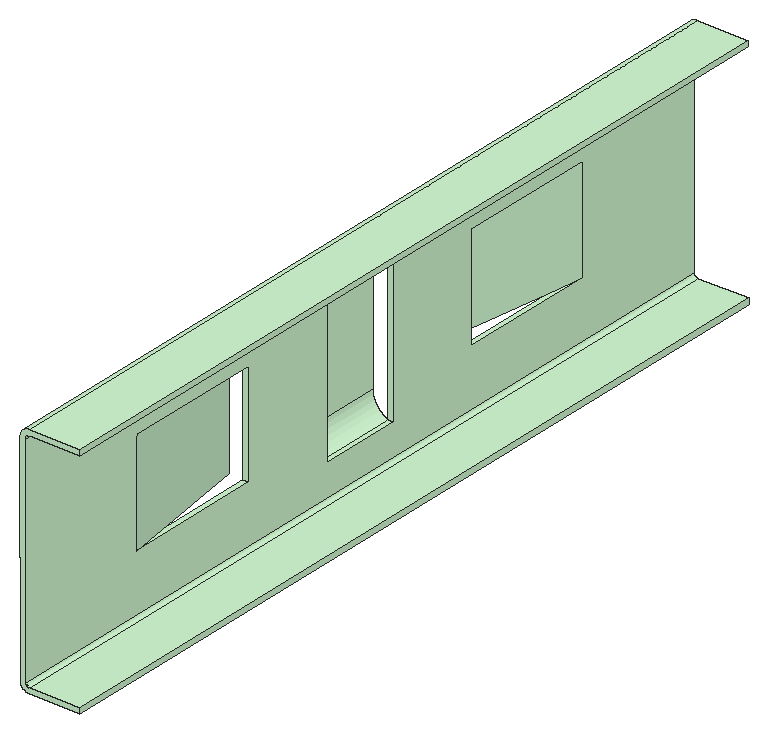
Revit family "SQ-C38ジョイント", category 機械設備, Revit 2020
Family settings
  丸型コネクタ寸法 = 直径を使用
  種別 = なし
  パーツ タイプ = 標準
  作業面ベース = いいえ
  常に垂直 = はい
  ロード時にボイドで切り取り = いいえ
  共有 = いいえ
  部屋計算ポイント = いいえ
Parameters
  製造元 = "株式会社桐井製作所"
  既定の高さ = 0 mm
  URL = "https://www.kirii.co.jp/"
  K_品名 = "SQ-C38ジョイント"
  K_名称 = "チャンネルジョイント"
  K_入数 = "400"
  K_バージョン情報 = "20210714"
Reference planes
  plane 1 "中心(正面/背面)": y = 0
  plane 2: z = 0
  plane 3 "中心(左/右)": x = 0
Forms (mm)
  Extrusion 1, solid
    sketch origin (2.7, 0, 0) x (1, 0, 0) y (0, 0, 1)
      loop
        arc (-10, 17) -> (-10.919, 16.619) -> (-11.3, 15.7) r 1.3
        line (-11.3, 15.7) -> (-11.3, -15.7)
        arc (-11.3, -15.7) -> (-10.919, -16.619) -> (-10, -17) r 1.3
        line (-10, -17) -> (-2.7, -17) -> (-2.7, -16.2) -> (-10, -16.2)
        arc (-10, -16.2) -> (-10.354, -16.054) -> (-10.5, -15.7) r 0.5
        line (-10.5, -15.7) -> (-10.5, 15.7)
        arc (-10.5, 15.7) -> (-10.354, 16.054) -> (-10, 16.2) r 0.5
        line (-10, 16.2) -> (-2.7, 16.2) -> (-2.7, 17) -> (-10, 17)
    from -60 to 60
  Extrusion 2, solid
    sketch origin (0, 0, 0) x (1, 0, 0) y (0, 0, 1)
      loop
        line (-8.6, 11.158) -> (-8.6, 12)
        arc (-8.6, 12) -> (-10.767, 10.5) -> (-11.6, 8) r 4.167
        line (-11.6, 8) -> (-11.6, -8)
        arc (-11.6, -8) -> (-10.767, -10.5) -> (-8.6, -12) r 4.167
        line (-8.6, -12) -> (-8.6, -11.158)
        arc (-8.6, -11.158) -> (-10.196, -9.924) -> (-10.8, -8) r 3.367
        line (-10.8, -8) -> (-10.8, 8)
        arc (-10.8, 8) -> (-10.196, 9.924) -> (-8.6, 11.158) r 3.367
    from -6 to 6
  Extrusion 3, void
    sketch origin (0, 0, 0) x (0, 1, 0) y (0, 0, 1)
      loop
        line (-40, 7.521) -> (-40, -7.479) -> (-20, -7.479) -> (-20, 7.521) -> (-40, 7.521)
      loop
        line (20, 7.521) -> (20, -7.479) -> (40, -7.479) -> (40, 7.521) -> (20, 7.521)
    from -8.6 to -7.8
  Extrusion 4, solid
    sketch origin (0, 0, 0) x (1, 0, 0) y (0, 1, 0)
      loop
        line (-8.6, 40) -> (-11.6, 20) -> (-10.809, 19.881) -> (-7.8, 40) -> (-8.6, 40)
      loop
        line (-8.6, -40) -> (-7.8, -40) -> (-10.809, -19.881) -> (-11.6, -20) -> (-8.6, -40)
    from -7.479 to 7.521
  Extrusion 5, void
    sketch origin (0, 0, 0) x (0, 1, 0) y (0, 0, 1)
      loop
        line (-6, 11.158) -> (-6, -11.158) -> (6, -11.158) -> (6, 11.158) -> (-6, 11.158)
    from -8.6 to -7.8
Cuts and joins
  Extrusion 3, Extrusion 5 cuts Extrusion 1
  joined: Extrusion 1, Extrusion 2, Extrusion 4
Dimensions and locks
  aligned and locked: level to plane 2
